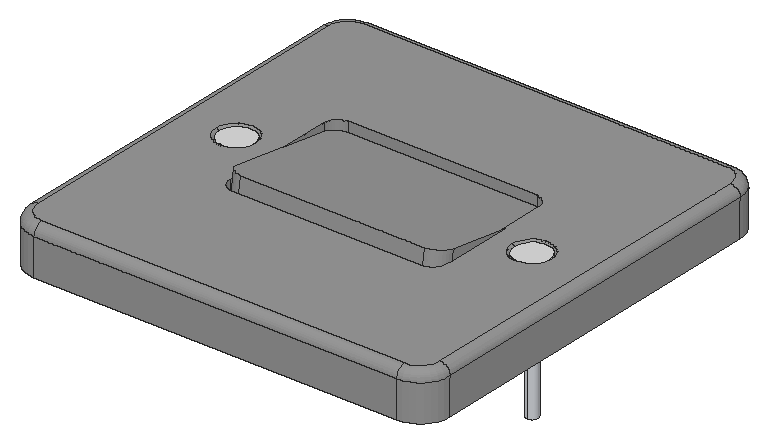
Revit family "ElectricalFixture_WiringAccessories_Hager_Sollyster_WMPS12W", category Lighting Fixtures, host Face, Revit 2015
Parameters (values of type "WMPS12W")
  Warranty ID = ""
  Voltage (Volts) = "230V/240V"
  Unique Reference = "WMPS12W"
  Type = "ElectricalFixture"
  Technical Description = Description  # "10AX 1 Gang 2 Way Wall Switch Wide Rocker"
  Switch = yes
  Supply Phase = "1"
  Size = ""
  Shipping Weight kg = "0.188"
  Shape = "Rectangular"
  Reference Standard = "BS 1363-2"
  Product URL = "http://www.hager.co.uk/product-catalogue/wiring-accessories/sollysta/white-moulded/white-moulded-sockets/58428.htm"
  Product Range = "Sollysta"
  Product Model Number = "WMPS12W"
  Product Literature = "http://www.hager.co.uk/product-catalogue/wiring-accessories/sollysta/38662.htm"
  Product Group = "WiringAccessories"
  Product Family = "WhiteMouldedSockets_10AXWallSwitches"
  Packaging Recyclable = yes
  Overall Width = Overall Length  # 86.0 mm
  Overall Length = 86.0 mm
  Overall Height = 86.0 mm
  Overall Depth = 26.07 mm
  Operation and Maintenance Manual = ""
  Name = "WhiteMoldedSocket_10AXWallSwitches_WMPS12W"
  Measurement Units = "mm"
  Material = Urea Formaldehyde Thermoset Plastic
  Manufacturer Website = "http://www.hager.co.uk/"
  Manufacturer Country = "United Kingdom"
  Manufacturer = "Hager"
  LED Indicator Switch = no
  Gross Weight kg = "0.165"
  Frequency = "50/60Hz"
  Finish = "Gloss"
  Features = Description  # "10AX 1 Gang 2 Way Wall Switch Wide Rocker"
  Extrusion From Wall = 11.921 mm
  Expected Life = "25 years"
  EAN Code = "5015652261735"
  Design Country = "China"
  Description = "10AX 1 Gang 2 Way Wall Switch Wide Rocker"
  Default Elevation = 1219.2 mm
  Colour = "SollystaWhite"
  CE Approval = yes
Reference planes
  plane 1 "Center (Front/Back)": y = 0
  plane 2: z = 0
  plane 3 "Center (Left/Right)": x = 0
  plane 4: y = -43
  plane 5: y = 43
  plane 6: x = -137
  plane 7: x = -51
  plane 8: z = 9.47
  plane 9: z = -16.6
  plane 10: z = 11.921
  plane 11: y = -471.393
  plane 12: z = -20.53
  plane 13: x = -124.15
  plane 14: x = -63.85
Forms (mm)
  Extrusion 1, solid, material "Urea Formaldehyde Thermoset Plastic", detail levels fine
    sketch origin (0, 0, 0) x (1, 0, 0) y (0, 1, 0)
      loop
        arc (-137, -37.005) -> (-135.244, -41.244) -> (-131.005, -43) r 5.995
        line (-131.005, -43) -> (-57.017, -43)
        arc (-57.017, -43) -> (-52.762, -41.238) -> (-51, -36.983) r 6.017
        line (-51, -36.983) -> (-51, 37.035)
        arc (-51, 37.035) -> (-52.747, 41.253) -> (-56.965, 43) r 5.965
        line (-56.965, 43) -> (-131.018, 43)
        arc (-131.018, 43) -> (-135.248, 41.248) -> (-137, 37.018) r 5.982
        line (-137, 37.018) -> (-137, -37.005)
      loop
        circle (-124.15, 0) r 3.228
      loop
        circle (-63.85, 0) r 3.228
      loop
        line (-113.306, -14.576) -> (-74.678, -14.576)
        arc (-74.678, -14.576) -> (-72.773, -13.786) -> (-71.984, -11.881) r 2.694
        line (-71.984, -11.881) -> (-71.984, 12.001)
        arc (-71.984, 12.001) -> (-72.785, 13.935) -> (-74.719, 14.736) r 2.735
        line (-74.719, 14.736) -> (-113.265, 14.736)
        arc (-113.265, 14.736) -> (-115.199, 13.935) -> (-116, 12.001) r 2.735
        line (-116, 12.001) -> (-116, -11.881)
        arc (-116, -11.881) -> (-115.211, -13.786) -> (-113.306, -14.576) r 2.694
    from 0 to 9.47
  Sweep 2, void
    path origin (0, 0, 0) x (1, 0, 0) y (0, 1, 0)
      loop
        line (-137, 37.018) -> (-137, -37.005)
        arc (-137, -37.005) -> (-135.244, -41.244) -> (-131.005, -43) r 5.995
        line (-131.005, -43) -> (-57.017, -43)
        arc (-57.017, -43) -> (-52.762, -41.238) -> (-51, -36.983) r 6.017
        line (-51, -36.983) -> (-51, 37.035)
        arc (-51, 37.035) -> (-52.747, 41.253) -> (-56.965, 43) r 5.965
        line (-56.965, 43) -> (-131.018, 43)
        arc (-131.018, 43) -> (-135.248, 41.248) -> (-137, 37.018) r 5.982
    profile origin (-137, 0.007, 0) x (1, 0, 0) y (0, 0, 1)
      loop
        line (0, 9.47) -> (0, 7.462)
        arc (0, 7.462) -> (0.588, 8.882) -> (2.008, 9.47) r 2.008
        line (2.008, 9.47) -> (0, 9.47)
  Sweep 3, void
    path origin (0, 0, 0) x (1, 0, 0) y (0, 1, 0)
      loop
        circle (-63.85, 0) r 3.228
    profile origin (-63.85, 3.228, 0) x (0, -1, 0) y (0, 0, 1)
      loop
        line (0, 9.47) -> (-0.814, 9.47)
        arc (-0.814, 9.47) -> (-0.347, 9.123) -> (0, 8.656) r 2
        line (0, 8.656) -> (0, 9.47)
  Sweep 4, void
    path origin (0, 0, 0) x (1, 0, 0) y (0, 1, 0)
      loop
        circle (-124.15, 0) r 3.228
    profile origin (-124.15, 3.228, 0) x (0, 1, 0) y (0, 0, 1)
      loop
        line (0, 9.47) -> (0, 8.656)
        arc (0, 8.656) -> (0.346, 9.124) -> (0.814, 9.47) r 1.964
        line (0.814, 9.47) -> (0, 9.47)
  Extrusion 5, solid, material "Steel, Chrome Plated", detail levels fine
    sketch origin (0, 0, 0) x (1, 0, 0) y (0, 1, 0)
      loop
        circle (-124.15, 0) r 3.542
    from -1.167 to 9.196
  Extrusion 6, solid, material "Steel, Chrome Plated", detail levels fine
    sketch origin (0, 0, 0) x (-1, 0, 0) y (0, -1, 0)
      loop
        circle (63.85, 0) r 3.542
    from -1.167 to 9.196
  Extrusion 7, solid, material "Urea Formaldehyde Thermoset Plastic", detail levels medium
    sketch origin (0, 0, 0) x (1, 0, 0) y (0, 1, 0)
      loop
        line (-137, 43) -> (-137, -43) -> (-51, -43) -> (-51, 43) -> (-137, 43)
    from 0 to 9.47
  Extrusion 8, solid
    sketch origin (-184.307, 0, -1.167) x (0, 1, 0) y (-1, 0, 0)
      loop
        circle (0, -60.15) r 1.2
    from 0 to 19.363
  Extrusion 9, solid
    sketch origin (0, 0, -1.167) x (0, -1, 0) y (1, 0, 0)
      loop
        circle (0, -63.85) r 1.2
    from 0 to 19.363
  Extrusion 10, solid, material "Urea Formaldehyde Thermoset Plastic", detail levels medium
    sketch origin (0, 0, 0) x (1, 0, 0) y (0, 1, 0)
      loop
        line (-137, -43) -> (-51, -43) -> (-51, 43) -> (-137, 43) -> (-137, -43)
    from 0 to 9.47
  Extrusion 11, solid, material "Urea Formaldehyde Thermoset Plastic", visible <- "Switch", detail levels fine
    sketch origin (-30.815, -20.33, 3.542) x (1, 0, 0) y (0, 0.987688, -0.156434)
      loop
        arc (-85.185, 9.104) -> (-84.25, 6.845) -> (-81.991, 5.91) r 3.194
        line (-81.991, 5.91) -> (-44.45, 5.91)
        arc (-44.45, 5.91) -> (-42.13, 6.871) -> (-41.169, 9.191) r 3.281
        line (-41.169, 9.191) -> (-41.169, 32.07)
        arc (-41.169, 32.07) -> (-42.138, 34.409) -> (-44.478, 35.378) r 3.308
        line (-44.478, 35.378) -> (-72.778, 35.378) -> (-77.654, 35.378) -> (-81.951, 35.378)
        arc (-81.951, 35.378) -> (-84.238, 34.431) -> (-85.185, 32.143) r 3.235
        line (-85.185, 32.143) -> (-85.185, 9.104)
    from 0 to 9.42
Cuts and joins
  Sweep 2, Sweep 3, Sweep 4 cuts Extrusion 1
Lines and regions (mm)
  symbolic lines, not visible, detail levels coarse
    curve 1: line (73.42, -504.912, 19.451) -> (3.42, -504.912, 19.451)
    curve 2: arc (73.42, -504.912, 19.451) -> (38.42, -504.912, 54.451) -> (3.42, -504.912, 19.451) r 35
    curve 3: circle (38.42, -504.912, 54.451) r 6 normal (0, 1, 0)
    curve 4: line (38.42, -504.912, 54.451) -> (38.42, -504.912, 99.451)
    curve 5: line (38.42, -504.912, 99.451) -> (68.42, -504.912, 99.451)
    curve 6: line (38.42, -504.912, 54.451) -> (10.78, -504.912, 87.391)
    curve 7: line (10.78, -504.912, 87.391) -> (-3.315, -504.912, 75.564)
    curve 8: line (0.509, -504.912, 19.451) -> (-69.491, -504.912, 19.451)
    curve 9: arc (0.509, -504.912, 19.451) -> (-34.491, -504.912, 54.451) -> (-69.491, -504.912, 19.451) r 35
    curve 10: circle (-34.491, -504.912, 54.451) r 6 normal (0, 1, 0)
    curve 11: line (-34.491, -504.912, 54.451) -> (-34.491, -504.912, 99.451)
    curve 12: line (-34.491, -504.912, 99.451) -> (-4.491, -504.912, 99.451)
    curve 13: line (-34.491, -504.912, 54.451) -> (-62.13, -504.912, 87.391)
    curve 14: line (-62.13, -504.912, 87.391) -> (-76.226, -504.912, 75.564)
  model lines, detail levels coarse
    curve 15: line (-137, 43, 0) -> (-51, 43, 0)
    curve 16: line (-137, -43, 0) -> (-137, 43, 0)
    curve 17: line (-51, -43, 0) -> (-137, -43, 0)
    curve 18: line (-51, 43, 0) -> (-51, -43, 0)
    curve 19: arc (-120.108, 0, 0) -> (-124.15, -4.042, 0) -> (-128.192, 0, 0) r 4.042
    curve 20: arc (-128.192, 0, 0) -> (-124.15, 4.042, 0) -> (-120.108, 0, 0) r 4.042
    curve 21: arc (-59.808, 0, 0) -> (-63.85, -4.042, 0) -> (-67.892, 0, 0) r 4.042
    curve 22: arc (-67.892, 0, 0) -> (-63.85, 4.042, 0) -> (-59.808, 0, 0) r 4.042
    curve 23: line (-116, -10.784, 0) -> (-116, 12.337, 0)
    curve 24: arc (-116, 12.337, 0) -> (-114.902, 14.988, 0) -> (-112.251, 16.086, 0) r 3.749
    curve 25: line (-112.251, 16.086, 0) -> (-94.611, 16.086, 0)
    curve 26: line (-94.732, -14.493, 0) -> (-112.291, -14.493, 0)
    curve 27: arc (-112.291, -14.493, 0) -> (-114.914, -13.407, 0) -> (-116, -10.784, 0) r 3.709
    curve 28: line (-71.984, -10.784, 0) -> (-71.984, 12.337, 0)
    curve 29: arc (-71.984, 12.337, 0) -> (-73.082, 14.988, 0) -> (-75.733, 16.086, 0) r 3.749
    curve 30: line (-75.733, 16.086, 0) -> (-94.611, 16.086, 0)
    curve 31: line (-94.732, -14.493, 0) -> (-75.692, -14.493, 0)
    curve 32: arc (-75.692, -14.493, 0) -> (-73.07, -13.407, 0) -> (-71.984, -10.784, 0) r 3.709
  symbolic lines, detail levels coarse
    curve 33: circle (-49.456, -504.912, 22.531) r 13.061 normal (0, -1, 0)
    curve 34: line (-62.512, -504.912, 22.929) -> (-144.722, -504.912, 22.929)
Dimensions and locks
  plane 10 to plane 9 = 28.521 mm
  plane 8 to plane 9 = 26.07 mm
  plane 2 to plane 9 = 16.6 mm
  "Overall Length": plane 6 to plane 7
  "Overall Height": plane 4 to plane 5
  "Overall Depth": plane 9 to plane 8
  plane 2 to plane 10 = 11.921 mm
  plane 8 to plane 12 = 30.0 mm
  aligned and locked: plane 2 to host face
  aligned and locked: level to host face
  aligned and locked: Extrusion 1 to plane 8
  aligned and locked: Extrusion 7 to plane 8
  aligned and locked: Extrusion 6 to Extrusion 8
  aligned and locked: Extrusion 9 to Extrusion 5
  aligned and locked: plane 12 to Extrusion 9
  aligned and locked: Extrusion 10 to plane 8
  aligned and locked: Extrusion 10 to level
Automatic sketch dimensions
  host sketch curve to host sketch curve = 2438.4 mm  (x2)
  Sweep 2 sketch curve to plane 6 = 0.0 mm
  plane 5 to Sweep 2 sketch curve = 0.0 mm
  plane 4 to Sweep 2 sketch curve = 0.0 mm
  Sweep 2 sketch curve to Sweep 2 sketch curve = 5.982 mm
  plane 6 to Sweep 2 sketch curve = 5.995 mm
  Sweep 2 sketch curve to plane 7 = 6.017 mm
  Sweep 2 sketch curve to plane 7 = 5.965 mm
  plane 7 to Sweep 2 sketch curve = 0.0 mm
  plane 1 "Center (Front/Back)" to Sweep 3 sketch curve = 0.0 mm
  Sweep 3 sketch curve to plane 14 = 0.0 mm
  Sweep 4 sketch curve to Sweep 4 sketch curve = 0.0 mm  (x2)
  plane 1 "Center (Front/Back)" to Sweep 4 sketch curve = 0.0 mm
  Sweep 4 sketch curve to plane 13 = 0.0 mm
  Sweep 4 sketch curve to plane 13 = 3.228 mm
  Extrusion 5 sketch curve to Extrusion 5 sketch curve = 0.0 mm  (x2)
  plane 1 "Center (Front/Back)" to Extrusion 5 sketch curve = 0.0 mm
  Extrusion 5 sketch curve to plane 13 = 0.0 mm
  Extrusion 5 sketch curve to plane 13 = 3.542 mm
  Extrusion 6 sketch curve to Extrusion 6 sketch curve = 0.0 mm  (x2)
  plane 1 "Center (Front/Back)" to Extrusion 6 sketch curve = 0.0 mm
  plane 14 to Extrusion 6 sketch curve = 0.0 mm
  Extrusion 6 sketch curve to plane 14 = 3.542 mm
  plane 4 to Extrusion 7 sketch curve = 0.0 mm
  Extrusion 7 sketch curve to plane 6 = 0.0 mm
  Extrusion 7 sketch curve to plane 7 = 0.0 mm
  plane 5 to Extrusion 7 sketch curve = 0.0 mm
  plane 5 to Extrusion 10 sketch curve = 0.0 mm
  Extrusion 10 sketch curve to plane 6 = 0.0 mm
  Extrusion 10 sketch curve to plane 7 = 0.0 mm
  plane 4 to Extrusion 10 sketch curve = 0.0 mm
  curve 19 to curve 20 = 0.0 mm  (x2)
  curve 21 to curve 22 = 0.0 mm  (x2)
  plane 4 to curve 17 = 0.0 mm
  curve 17 to plane 6 = 0.0 mm
  plane 1 "Center (Front/Back)" to curve 19 = 0.0 mm
  curve 20 to plane 13 = 0.0 mm
  plane 1 "Center (Front/Back)" to curve 21 = 0.0 mm
  curve 22 to plane 14 = 0.0 mm
  curve 17 to plane 7 = 0.0 mm
  plane 5 to curve 16 = 0.0 mm
  curve 19 to plane 13 = 4.042 mm
  curve 21 to curve 21 = 4.042 mm
  plane 13 to Extrusion 11 sketch curve = 8.15 mm
  Extrusion 11 sketch curve to Extrusion 11 sketch curve = 3.194 mm
  Extrusion 11 sketch curve to Extrusion 11 sketch curve = 3.235 mm
  Extrusion 11 sketch curve to Extrusion 11 sketch curve = 4.297 mm
  Extrusion 11 sketch curve to Extrusion 11 sketch curve = 4.875 mm
  Extrusion 11 sketch curve to Extrusion 11 sketch curve = 28.301 mm
  Extrusion 11 sketch curve to Extrusion 11 sketch curve = 37.541 mm
  Extrusion 11 sketch curve to Extrusion 11 sketch curve = 3.281 mm
  Extrusion 11 sketch curve to Extrusion 11 sketch curve = 22.879 mm
  profile plane to Sweep 2 sketch curve = 0.0 mm
  Sweep 2 sketch curve to Sweep 2 sketch curve = 2.008 mm
  level to Sweep 2 sketch curve = 7.462 mm
  Sweep 3 sketch curve to profile plane = 0.0 mm
  Sweep 3 sketch curve to Sweep 3 sketch curve = 0.814 mm
  profile plane to Sweep 3 sketch curve = 1.761 mm
  level to Sweep 3 sketch curve = 7.709 mm
  Sweep 3 sketch curve to Sweep 3 sketch curve = 0.947 mm
  Sweep 4 sketch curve to profile plane = 0.0 mm
  Sweep 4 sketch curve to profile plane = 0.814 mm
  Sweep 4 sketch curve to profile plane = 1.735 mm
  level to Sweep 4 sketch curve = 7.735 mm
  Sweep 4 sketch curve to Sweep 4 sketch curve = 0.921 mm
  plane 13 to curve 23 = 8.15 mm
  curve 23 to curve 27 = 3.709 mm
  curve 24 to curve 25 = 3.749 mm
  curve 24 to curve 25 = 17.64 mm
  curve 30 to plane 14 = 11.883 mm
  curve 32 to plane 14 = 11.842 mm
  curve 32 to curve 28 = 3.709 mm
  Extrusion 1 sketch curve to plane 6 = 0.0 mm
  plane 5 to Extrusion 1 sketch curve = 0.0 mm
  plane 4 to Extrusion 1 sketch curve = 0.0 mm
  plane 1 "Center (Front/Back)" to Extrusion 1 sketch curve = 0.0 mm  (x2)
  Extrusion 1 sketch curve to plane 13 = 0.0 mm
  Extrusion 1 sketch curve to plane 14 = 0.0 mm
  plane 6 to Extrusion 1 sketch curve = 5.982 mm
  plane 6 to Extrusion 1 sketch curve = 5.995 mm
  plane 13 to Extrusion 1 sketch curve = 8.15 mm
  Extrusion 1 sketch curve to Extrusion 1 sketch curve = 2.694 mm  (x2)
  Extrusion 1 sketch curve to Extrusion 1 sketch curve = 2.735 mm
  Extrusion 1 sketch curve to plane 14 = 10.869 mm
  Extrusion 1 sketch curve to plane 14 = 10.828 mm
  Extrusion 1 sketch curve to plane 7 = 6.017 mm
  Extrusion 1 sketch curve to plane 7 = 5.965 mm
  plane 7 to Extrusion 1 sketch curve = 0.0 mm
  plane 1 "Center (Front/Back)" to Extrusion 1 sketch curve = 14.576 mm
  Extrusion 1 sketch curve to plane 1 "Center (Front/Back)" = 12.001 mm
  plane 7 to curve 33 = 1.544 mm
  curve 33 to plane 10 = 10.611 mm
  plane 14 to curve 34 = 1.338 mm
  curve 34 to plane 6 = 7.722 mm
  curve 34 to plane 10 = 11.008 mm
  plane 1 "Center (Front/Back)" to curve 23 = 10.784 mm
  curve 24 to plane 1 "Center (Front/Back)" = 12.337 mm
  curve 31 to curve 31 = 19.039 mm
  radius of Sweep 3 sketch curve = 3.228 mm
  radius of Extrusion 8 sketch curve = 1.2 mm
  radius of Extrusion 9 sketch curve = 1.2 mm
  radius of Extrusion 1 sketch curve = 3.228 mm  (x2)
Connectors
  electrical at (-94.001, 0.008, 0)
    settings: on cut or joined group of Extrusion 1, Sweep 2, Sweep 3, Sweep 4, index 1, voltage 230 V, apparent load 0 VA, apparent load phase1 0 VA, apparent load phase2 0 VA, apparent load phase3 0 VA, power factor 1, load classification "Other", number of poles 1, system type 31, power factor state 1, is connector primary yes, connector utility no, sub classification motor no, connector description ""
